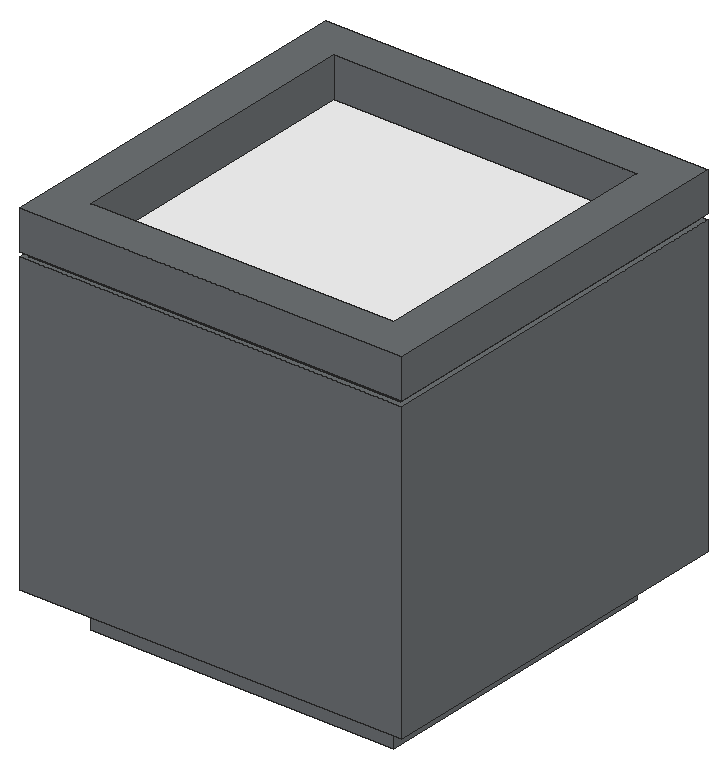
Revit family "Thorn AXYL ECHO CEILING", category Lighting Fixtures, host Face, Revit 2023
Family settings
  Host = Face
  Round Connector Dimension = Use Diameter
  Part Type = Normal
  Cut with Voids When Loaded = Yes
  Light Source = Yes
  Maintain Annotation Orientation = No
  Shared = No
  Room Calculation Point = Yes
Parameters (values of type "AXYL ECHO M CEI 9L 927 MB HFX ANT")
  built-in parameter 1150103 = 20.8 W
  Wattage = 20.8 W
  built-in parameter 1150110 = 1 (stored number, unit not read)
  URL = "https://www.thornlighting.com/96801400"
  Type Image = TLG_AXYL_F_ECHO_M_CEI_9L_HFX_ANT.jpg
  Type IFC Predefined Type = "DIRECTIONSOURCE"
  built-in parameter 1114217 = 1 (stored number, unit not read)
  Tilt Angle = -90.00°  # constant formula
  built-in parameter 1150109 = 1 (stored number, unit not read)
  built-in parameter 1150134 = 3
  built-in parameter 1150113 = 1 (stored number, unit not read)
  Small Size = Thorn-Parts-Axyl-Echo-Body : Small Size Ceiling
  Luminaire Width = if(Housing Small, 110 mm, if(Housing Medium, 155 mm, 110 mm))  # 155 mm
  Luminaire Length = Luminaire Width  # 155 mm
  Luminaire Height = Luminaire Width  # 155 mm
  Housing Small = no
  Housing Medium = yes
  Power Factor = 0.95
  Photometric Web File = "96801400_(STD).IES"
  Model = "96801400"
  Medium Size = Thorn-Parts-Axyl-Echo-Body : Medium Size Ceiling
  Material Housing = Thorn-Aluminium-RAL 7016-Anthracite Grey
  Manufacturer = "Thorn Lighting"  # constant formula
  built-in parameter 1150105 = 102.62 (stored number, unit not read)
  Lumens = 1292 lm
  Luminaire Size = if(Housing Small, Small Size, if(Housing Medium, Medium Size, Small Size))  # Thorn-Parts-Axyl-Echo-Body : Medium Size Ceiling
  built-in parameter 1150115 = 1 (stored number, unit not read)
  Light Source Edge Offset = if(Housing Small, 14 mm, if(Housing Medium, 16 mm, 14 mm))  # 16 mm
  built-in parameter 1150137 = (empty or 0)
  built-in parameter 1150139 = (empty or 0)
  built-in parameter 1150112 = 1 (stored number, unit not read)
  built-in parameter 1150114 = 1 (stored number, unit not read)
  Lamp = "LED"  # constant formula
  built-in parameter 1150132 = 2
  built-in parameter 1150102 = (empty or 0)
  built-in parameter 1150107 = 2700 (stored number, unit not read)
  built-in parameter 1150138 = (empty or 0)
  built-in parameter 1150106 = 1.0262 (stored number, unit not read)
  Export Type to IFC As = "IfcLightFixtureType"
  Emit from Rectangle Width = Luminaire Width - 2 * Light Source Edge Offset  # 123 mm
  Emit from Rectangle Length = Luminaire Width - 2 * Light Source Edge Offset  # 123 mm
  Emit Shape Visible in Rendering = no
  built-in parameter 1150104 = 5.76 (stored number, unit not read)
  Dimming Lamp Color Temperature Shift = (empty or 0)
  Description = "LED Luminaire for decorative facade lighting"  # constant formula
  Default Elevation = 0 mm  # constant formula
  Color Filter = 16777215
  built-in parameter 1114218 = 1 (stored number, unit not read)
  built-in parameter 1150133 = 10 (stored number, unit not read)
  Assembly Code = "PR_70_70_49_02"
  Apparent Load = parameter 1150103 / Power Factor  # 21.8947 VA
Reference planes
  plane 1 "Center (Front/Back)": y = 0
  plane 2: z = 0
  plane 3 "Center (Left/Right)": x = 0
  plane 4: x = -77.5
  plane 5: x = 77.5
  plane 6: y = 77.5
  plane 7: y = -77.5
  plane 8: z = 155
Lines and regions (mm)
  Filled region 1, type "Filled region 1"
    outline origin (0, 0, 0) x (1, 0, 0) y (0, 1, 0)
      loop
        line (-77.5, 77.5) -> (-77.5, -77.5) -> (77.5, -77.5) -> (77.5, 77.5) -> (-77.5, 77.5)
  symbolic lines
    curve 1: line (-61.5, 61.5, 0) -> (-61.5, -61.5, 0)
    curve 2: line (61.5, 61.5, 0) -> (-61.5, 61.5, 0)
    curve 3: line (61.5, -61.5, 0) -> (61.5, 61.5, 0)
    curve 4: line (-61.5, -61.5, 0) -> (61.5, -61.5, 0)
Dimensions and locks
  equal spacing: plane 4, plane 3 "Center (Left/Right)", plane 5
  "Luminaire Width": plane 4 to plane 5
  equal spacing: plane 7, plane 1 "Center (Front/Back)", plane 6
  "Luminaire Width": plane 7 to plane 6
  "Luminaire Width": plane 8 to host face
  "Light Source Edge Offset": plane 4 to curve 1
  "Light Source Edge Offset": curve 3 to plane 5
  "Light Source Edge Offset": plane 6 to curve 2
  "Light Source Edge Offset": plane 7 to curve 4
  aligned and locked: plane 2 to host face
  aligned and locked: level to host face
  aligned and locked: plane 8 to imposter light
  aligned and locked: Filled region 1 to plane 4
  aligned and locked: plane 6 to Filled region 1
  aligned and locked: Filled region 1 to plane 5
  aligned and locked: plane 7 to Filled region 1
Automatic sketch dimensions
  host sketch curve to host sketch curve = 2438.4 mm  (x2)
  Filled region 1 sketch curve to plane 4 = 0 mm
  Filled region 1 sketch curve to plane 5 = 0 mm
  plane 7 to Filled region 1 sketch curve = 0 mm
  plane 6 to Filled region 1 sketch curve = 0 mm
Nested families
  nested 1: "Thorn-Parts-Axyl-Echo-Body" at (0, 0, 0), type <- "Luminaire Size", Material Housing <- "Material Housing", type "Medium Size Ceiling"
    with Material Housing Thorn-Aluminium-RAL 7016-Anthracite Grey
Connectors
  electrical at (0, 0, 0), driven by "Apparent Load", driven by "Power Factor"
    settings: index 1, voltage 230 V, apparent load 21.8947 VA, apparent load phase1 0 VA, apparent load phase2 0 VA, apparent load phase3 0 VA, power factor 0.95, load classification "Lighting", number of poles 1, system type 30, power factor state 1, is connector primary yes, connector utility no, sub classification motor no, connector description ""
Definition of nested family "Thorn-Parts-Axyl-Echo-Body"
  Parameters (values of type "Medium Size Ceiling")
    Set Small Size = no
    Set Medium Size = yes
    Mount Height = if(Set Small Size, 14 mm, if(Set Medium Size, 16 mm, 14 mm))  # 16 mm
    Material Light Source = none
    Material Housing [instance] = none
    Manufacturer = "Thorn Lighting"  # constant formula
    Default Elevation = 1219.2 mm
    C = 500 mm
    A = if(Set Small Size, 110 mm, if(Set Medium Size, 155 mm, 110 mm))  # 155 mm
  Types (2, lengths in mm): name | Set Small Size | Set Medium Size | Mount Height | A
    Medium Size Ceiling | no | yes | 16 | 155
    Small Size Ceiling | yes | no | 14 | 110
  Reference planes
    plane 1 "Center (Front/Back)": y = 0
    plane 2: z = 0
    plane 3 "Center (Left/Right)": x = 0
    plane 4: x = -77.5
    plane 5: x = 77.5
    plane 6: y = 77.5
    plane 7: y = -77.5
    plane 8: z = 16
    plane 9: z = 155
    plane 10: z = 139
    plane 11: z = 137
  Forms (mm)
    Extrusion 1, solid, material <- "Material Housing"
      sketch origin (0, 0, 0) x (1, 0, 0) y (0, 1, 0)
        loop
          line (-77.5, 77.5) -> (-77.5, -77.5) -> (77.5, -77.5) -> (77.5, 77.5) -> (-77.5, 77.5)
      from 16 to 155
    Extrusion 2, solid, material <- "Material Housing"
      sketch origin (0, 0, 0) x (1, 0, 0) y (0, 1, 0)
        loop
          line (-61.5, 61.5) -> (-61.5, -61.5) -> (61.5, -61.5) -> (61.5, 61.5) -> (-61.5, 61.5)
      from 0 to 16
    Extrusion 3, void
      sketch origin (0, 0, 0) x (1, 0, 0) y (0, 1, 0)
        loop
          line (-61.5, 61.5) -> (-61.5, -61.5) -> (61.5, -61.5) -> (61.5, 61.5) -> (-61.5, 61.5)
      from 137 to 155
    Extrusion 4, solid, material <- "Material Light Source"
      sketch origin (0, 0, 0) x (1, 0, 0) y (0, 1, 0)
        loop
          line (-61.5, 61.5) -> (-61.5, -61.5) -> (61.5, -61.5) -> (61.5, 61.5) -> (-61.5, 61.5)
      from 137 to 139
    Extrusion 5, void
      sketch origin (0, 0, 0) x (1, 0, 0) y (0, 1, 0)
        loop
          line (-77.5, 77.5) -> (-77.5, -77.5) -> (77.5, -77.5) -> (77.5, 77.5) -> (-77.5, 77.5)
        loop
          line (-75.5, 75.5) -> (-75.5, -75.5) -> (75.5, -75.5) -> (75.5, 75.5) -> (-75.5, 75.5)
      from 137 to 139
  Cuts and joins
    Extrusion 3, Extrusion 5 cuts Extrusion 1
  Dimensions and locks
    equal spacing: plane 4, plane 3 "Center (Left/Right)", plane 5
    "A": plane 4 to plane 5
    equal spacing: plane 6, plane 1 "Center (Front/Back)", plane 7
    "A": plane 6 to plane 7
    "Mount Height": plane 2 to plane 8
    "A": plane 2 to plane 9
    "Mount Height": Extrusion 1 to Extrusion 2 sketch curve
    "Mount Height": Extrusion 2 sketch curve to Extrusion 1
    "Mount Height": plane 6 to Extrusion 2 sketch curve
    "Mount Height": Extrusion 2 sketch curve to plane 7
    "Mount Height": plane 4 to Extrusion 3 sketch curve
    "Mount Height": Extrusion 3 sketch curve to plane 5
    "Mount Height": Extrusion 3 sketch curve to plane 6
    "Mount Height": Extrusion 3 sketch curve to plane 7
    Extrusion 4 to Extrusion 4 = 2 mm
    "Mount Height": plane 10 to plane 9
    locked: plane 11 to plane 10 at 2
    aligned and locked: level to plane 2
    aligned and locked: plane 6 to Extrusion 1 sketch curve
    aligned and locked: plane 4 to Extrusion 1 sketch curve
    aligned and locked: plane 7 to Extrusion 1 sketch curve
    aligned and locked: plane 5 to Extrusion 1 sketch curve
    aligned and locked: Extrusion 1 to plane 9
    aligned and locked: Extrusion 1 to plane 6
    aligned and locked: Extrusion 1 to plane 7
    aligned and locked: plane 8 to Extrusion 1
    aligned and locked: Extrusion 2 to plane 2
    aligned and locked: Extrusion 2 to plane 8
    aligned and locked: Extrusion 1 to plane 8
    aligned and locked: Extrusion 3 to plane 9
    aligned and locked: Extrusion 4 sketch curve to Extrusion 2  (x4)
    aligned and locked: Extrusion 4 to cut or joined group of Extrusion 1, Extrusion 3, Extrusion 5
    aligned and locked: Extrusion 4 to plane 10
    aligned and locked: plane 11 to Extrusion 4
    aligned and locked: Extrusion 5 sketch curve to cut or joined group of Extrusion 1, Extrusion 3, Extrusion 5  (x4)
    aligned and locked: Extrusion 5 to plane 10
    aligned and locked: plane 11 to Extrusion 5
  Automatic sketch dimensions
    plane 5 to Extrusion 5 sketch curve = 2 mm
    plane 6 to Extrusion 5 sketch curve = 2 mm
    plane 4 to Extrusion 5 sketch curve = 2 mm
    plane 7 to Extrusion 5 sketch curve = 2 mm
Types (108, lengths in mm): name | built-in parameter 1150103 | URL | Type Image | Luminaire Width | Luminaire Length | Luminaire Height | Housing Small | Housing Medium | Power Factor | Photometric Web File | Model | Material Housing | Lumens | Luminaire Size | Light Source Edge Offset | built-in parameter 1150107 | Emit from Rectangle Width | Emit from Rectangle Length | built-in parameter 1150104 | Apparent Load
  AXYL ECHO S CEI 4L 927 MB HF ANT | 7.7 W | "https://www.thornlighting.com/96801328" | TLG_AXYL_F_ECHO_S_CEI_ANT.jpg | 110 | 110 | 110 | yes | no | 0.97 | "96801328_(STD).IES" | "96801328" | Thorn-Aluminium-RAL 7016-Anthracite Grey | 421 lm | Thorn-Parts-Axyl-Echo-Body : Small Size Ceiling | 14 | 2700 (stored number, unit not read) | 82 | 82 | 5.1097 (stored number, unit not read) | 7.93814 VA
  AXYL ECHO S CEI 4L 927 MB HF BK | 7.7 W | "https://www.thornlighting.com/96801326" | TLG_AXYL_F_ECHO_S_CEI_BK.jpg | 110 | 110 | 110 | yes | no | 0.97 | "96801326_(STD).IES" | "96801326" | Thorn-Aluminium-RAL 9005-Jet Black | 421 lm | Thorn-Parts-Axyl-Echo-Body : Small Size Ceiling | 14 | 2700 (stored number, unit not read) | 82 | 82 | 5.1097 (stored number, unit not read) | 7.93814 VA
  AXYL ECHO S CEI 4L 927 MB HF GY | 7.7 W | "https://www.thornlighting.com/96801327" | TLG_AXYL_F_ECHO_S_CEI_GY.jpg | 110 | 110 | 110 | yes | no | 0.97 | "96801327_(STD).IES" | "96801327" | Thorn-Aluminium-RAL 9006-White Aluminium | 421 lm | Thorn-Parts-Axyl-Echo-Body : Small Size Ceiling | 14 | 2700 (stored number, unit not read) | 82 | 82 | 5.1097 (stored number, unit not read) | 7.93814 VA
  AXYL ECHO S CEI 4L 927 MB HF WH | 7.7 W | "https://www.thornlighting.com/96801325" | TLG_AXYL_F_ECHO_S_CEI_WH.jpg | 110 | 110 | 110 | yes | no | 0.97 | "96801325_(STD).IES" | "96801325" | Thorn-Aluminium-RAL 9016-Traffic White | 421 lm | Thorn-Parts-Axyl-Echo-Body : Small Size Ceiling | 14 | 2700 (stored number, unit not read) | 82 | 82 | 5.1097 (stored number, unit not read) | 7.93814 VA
  AXYL ECHO S CEI 4L 927 MB RD ANT | 7.7 W | "https://www.thornlighting.com/96801364" | TLG_AXYL_F_ECHO_S_CEI_ANT.jpg | 110 | 110 | 110 | yes | no | 0.97 | "96801364_(STD).IES" | "96801364" | Thorn-Aluminium-RAL 7016-Anthracite Grey | 421 lm | Thorn-Parts-Axyl-Echo-Body : Small Size Ceiling | 14 | 2700 (stored number, unit not read) | 82 | 82 | 5.1097 (stored number, unit not read) | 7.93814 VA
  AXYL ECHO S CEI 4L 927 MB RD BK | 7.7 W | "https://www.thornlighting.com/96801362" | TLG_AXYL_F_ECHO_S_CEI_BK.jpg | 110 | 110 | 110 | yes | no | 0.97 | "96801362_(STD).IES" | "96801362" | Thorn-Aluminium-RAL 9005-Jet Black | 421 lm | Thorn-Parts-Axyl-Echo-Body : Small Size Ceiling | 14 | 2700 (stored number, unit not read) | 82 | 82 | 5.1097 (stored number, unit not read) | 7.93814 VA
  AXYL ECHO S CEI 4L 927 MB RD GY | 7.7 W | "https://www.thornlighting.com/96801363" | TLG_AXYL_F_ECHO_S_CEI_GY.jpg | 110 | 110 | 110 | yes | no | 0.97 | "96801363_(STD).IES" | "96801363" | Thorn-Aluminium-RAL 9006-White Aluminium | 421 lm | Thorn-Parts-Axyl-Echo-Body : Small Size Ceiling | 14 | 2700 (stored number, unit not read) | 82 | 82 | 5.1097 (stored number, unit not read) | 7.93814 VA
  AXYL ECHO S CEI 4L 927 MB RD WH | 7.7 W | "https://www.thornlighting.com/96801361" | TLG_AXYL_F_ECHO_S_CEI_WH.jpg | 110 | 110 | 110 | yes | no | 0.97 | "96801361_(STD).IES" | "96801361" | Thorn-Aluminium-RAL 9016-Traffic White | 421 lm | Thorn-Parts-Axyl-Echo-Body : Small Size Ceiling | 14 | 2700 (stored number, unit not read) | 82 | 82 | 5.1097 (stored number, unit not read) | 7.93814 VA
  AXYL ECHO S CEI 4L 930 MB HF ANT | 7.7 W | "https://www.thornlighting.com/96801336" | TLG_AXYL_F_ECHO_S_CEI_ANT.jpg | 110 | 110 | 110 | yes | no | 0.97 | "96801336_(STD).IES" | "96801336" | Thorn-Aluminium-RAL 7016-Anthracite Grey | 459 lm | Thorn-Parts-Axyl-Echo-Body : Small Size Ceiling | 14 | 3000 (stored number, unit not read) | 82 | 82 | 5.5742 (stored number, unit not read) | 7.93814 VA
  AXYL ECHO S CEI 4L 930 MB HF BK | 7.7 W | "https://www.thornlighting.com/96801334" | TLG_AXYL_F_ECHO_S_CEI_BK.jpg | 110 | 110 | 110 | yes | no | 0.97 | "96801334_(STD).IES" | "96801334" | Thorn-Aluminium-RAL 9005-Jet Black | 459 lm | Thorn-Parts-Axyl-Echo-Body : Small Size Ceiling | 14 | 3000 (stored number, unit not read) | 82 | 82 | 5.5742 (stored number, unit not read) | 7.93814 VA
  AXYL ECHO S CEI 4L 930 MB HF GY | 7.7 W | "https://www.thornlighting.com/96801335" | TLG_AXYL_F_ECHO_S_CEI_GY.jpg | 110 | 110 | 110 | yes | no | 0.97 | "96801335_(STD).IES" | "96801335" | Thorn-Aluminium-RAL 9006-White Aluminium | 459 lm | Thorn-Parts-Axyl-Echo-Body : Small Size Ceiling | 14 | 3000 (stored number, unit not read) | 82 | 82 | 5.5742 (stored number, unit not read) | 7.93814 VA
  AXYL ECHO S CEI 4L 930 MB HF WH | 7.7 W | "https://www.thornlighting.com/96801333" | TLG_AXYL_F_ECHO_S_CEI_WH.jpg | 110 | 110 | 110 | yes | no | 0.97 | "96801333_(STD).IES" | "96801333" | Thorn-Aluminium-RAL 9016-Traffic White | 459 lm | Thorn-Parts-Axyl-Echo-Body : Small Size Ceiling | 14 | 3000 (stored number, unit not read) | 82 | 82 | 5.5742 (stored number, unit not read) | 7.93814 VA
  AXYL ECHO S CEI 4L 930 MB RD ANT | 7.7 W | "https://www.thornlighting.com/96801372" | TLG_AXYL_F_ECHO_S_CEI_ANT.jpg | 110 | 110 | 110 | yes | no | 0.97 | "96801372_(STD).IES" | "96801372" | Thorn-Aluminium-RAL 7016-Anthracite Grey | 459 lm | Thorn-Parts-Axyl-Echo-Body : Small Size Ceiling | 14 | 3000 (stored number, unit not read) | 82 | 82 | 5.5742 (stored number, unit not read) | 7.93814 VA
  AXYL ECHO S CEI 4L 930 MB RD BK | 7.7 W | "https://www.thornlighting.com/96801370" | TLG_AXYL_F_ECHO_S_CEI_BK.jpg | 110 | 110 | 110 | yes | no | 0.97 | "96801370_(STD).IES" | "96801370" | Thorn-Aluminium-RAL 9005-Jet Black | 459 lm | Thorn-Parts-Axyl-Echo-Body : Small Size Ceiling | 14 | 3000 (stored number, unit not read) | 82 | 82 | 5.5742 (stored number, unit not read) | 7.93814 VA
  AXYL ECHO S CEI 4L 930 MB RD GY | 7.7 W | "https://www.thornlighting.com/96801371" | TLG_AXYL_F_ECHO_S_CEI_GY.jpg | 110 | 110 | 110 | yes | no | 0.97 | "96801371_(STD).IES" | "96801371" | Thorn-Aluminium-RAL 9006-White Aluminium | 459 lm | Thorn-Parts-Axyl-Echo-Body : Small Size Ceiling | 14 | 3000 (stored number, unit not read) | 82 | 82 | 5.5742 (stored number, unit not read) | 7.93814 VA
  AXYL ECHO S CEI 4L 930 MB RD WH | 7.7 W | "https://www.thornlighting.com/96801369" | TLG_AXYL_F_ECHO_S_CEI_WH.jpg | 110 | 110 | 110 | yes | no | 0.97 | "96801369_(STD).IES" | "96801369" | Thorn-Aluminium-RAL 9016-Traffic White | 459 lm | Thorn-Parts-Axyl-Echo-Body : Small Size Ceiling | 14 | 3000 (stored number, unit not read) | 82 | 82 | 5.5742 (stored number, unit not read) | 7.93814 VA
  AXYL ECHO S CEI 4L 940 MB HF ANT | 7.7 W | "https://www.thornlighting.com/96801332" | TLG_AXYL_F_ECHO_S_CEI_ANT.jpg | 110 | 110 | 110 | yes | no | 0.97 | "96801332_(STD).IES" | "96801332" | Thorn-Aluminium-RAL 7016-Anthracite Grey | 497 lm | Thorn-Parts-Axyl-Echo-Body : Small Size Ceiling | 14 | 4000 (stored number, unit not read) | 82 | 82 | 5.9458 (stored number, unit not read) | 7.93814 VA
  AXYL ECHO S CEI 4L 940 MB HF BK | 7.7 W | "https://www.thornlighting.com/96801330" | TLG_AXYL_F_ECHO_S_CEI_BK.jpg | 110 | 110 | 110 | yes | no | 0.97 | "96801330_(STD).IES" | "96801330" | Thorn-Aluminium-RAL 9005-Jet Black | 497 lm | Thorn-Parts-Axyl-Echo-Body : Small Size Ceiling | 14 | 4000 (stored number, unit not read) | 82 | 82 | 5.9458 (stored number, unit not read) | 7.93814 VA
  AXYL ECHO S CEI 4L 940 MB HF GY | 7.7 W | "https://www.thornlighting.com/96801331" | TLG_AXYL_F_ECHO_S_CEI_GY.jpg | 110 | 110 | 110 | yes | no | 0.97 | "96801331_(STD).IES" | "96801331" | Thorn-Aluminium-RAL 9006-White Aluminium | 497 lm | Thorn-Parts-Axyl-Echo-Body : Small Size Ceiling | 14 | 4000 (stored number, unit not read) | 82 | 82 | 5.9458 (stored number, unit not read) | 7.93814 VA
  AXYL ECHO S CEI 4L 940 MB HF WH | 7.7 W | "https://www.thornlighting.com/96801329" | TLG_AXYL_F_ECHO_S_CEI_WH.jpg | 110 | 110 | 110 | yes | no | 0.97 | "96801329_(STD).IES" | "96801329" | Thorn-Aluminium-RAL 9016-Traffic White | 497 lm | Thorn-Parts-Axyl-Echo-Body : Small Size Ceiling | 14 | 4000 (stored number, unit not read) | 82 | 82 | 5.9458 (stored number, unit not read) | 7.93814 VA
  AXYL ECHO S CEI 4L 940 MB RD ANT | 7.7 W | "https://www.thornlighting.com/96801368" | TLG_AXYL_F_ECHO_S_CEI_ANT.jpg | 110 | 110 | 110 | yes | no | 0.97 | "96801368_(STD).IES" | "96801368" | Thorn-Aluminium-RAL 7016-Anthracite Grey | 497 lm | Thorn-Parts-Axyl-Echo-Body : Small Size Ceiling | 14 | 4000 (stored number, unit not read) | 82 | 82 | 5.9458 (stored number, unit not read) | 7.93814 VA
  AXYL ECHO S CEI 4L 940 MB RD BK | 7.7 W | "https://www.thornlighting.com/96801366" | TLG_AXYL_F_ECHO_S_CEI_BK.jpg | 110 | 110 | 110 | yes | no | 0.97 | "96801366_(STD).IES" | "96801366" | Thorn-Aluminium-RAL 9005-Jet Black | 497 lm | Thorn-Parts-Axyl-Echo-Body : Small Size Ceiling | 14 | 4000 (stored number, unit not read) | 82 | 82 | 5.9458 (stored number, unit not read) | 7.93814 VA
  AXYL ECHO S CEI 4L 940 MB RD GY | 7.7 W | "https://www.thornlighting.com/96801367" | TLG_AXYL_F_ECHO_S_CEI_GY.jpg | 110 | 110 | 110 | yes | no | 0.97 | "96801367_(STD).IES" | "96801367" | Thorn-Aluminium-RAL 9006-White Aluminium | 497 lm | Thorn-Parts-Axyl-Echo-Body : Small Size Ceiling | 14 | 4000 (stored number, unit not read) | 82 | 82 | 5.9458 (stored number, unit not read) | 7.93814 VA
  AXYL ECHO S CEI 4L 940 MB RD WH | 7.7 W | "https://www.thornlighting.com/96801365" | TLG_AXYL_F_ECHO_S_CEI_WH.jpg | 110 | 110 | 110 | yes | no | 0.97 | "96801365_(STD).IES" | "96801365" | Thorn-Aluminium-RAL 9016-Traffic White | 497 lm | Thorn-Parts-Axyl-Echo-Body : Small Size Ceiling | 14 | 4000 (stored number, unit not read) | 82 | 82 | 5.9458 (stored number, unit not read) | 7.93814 VA
  AXYL ECHO S CEI 4L 927 NB HF ANT | 7.7 W | "https://www.thornlighting.com/96801340" | TLG_AXYL_F_ECHO_S_CEI_ANT.jpg | 110 | 110 | 110 | yes | no | 0.97 | "96801340_(STD).IES" | "96801340" | Thorn-Aluminium-RAL 7016-Anthracite Grey | 461 lm | Thorn-Parts-Axyl-Echo-Body : Small Size Ceiling | 14 | 2700 (stored number, unit not read) | 82 | 82 | 5.5742 (stored number, unit not read) | 7.93814 VA
  AXYL ECHO S CEI 4L 927 NB HF BK | 7.7 W | "https://www.thornlighting.com/96801338" | TLG_AXYL_F_ECHO_S_CEI_BK.jpg | 110 | 110 | 110 | yes | no | 0.97 | "96801338_(STD).IES" | "96801338" | Thorn-Aluminium-RAL 9005-Jet Black | 461 lm | Thorn-Parts-Axyl-Echo-Body : Small Size Ceiling | 14 | 2700 (stored number, unit not read) | 82 | 82 | 5.5742 (stored number, unit not read) | 7.93814 VA
  AXYL ECHO S CEI 4L 927 NB HF GY | 7.7 W | "https://www.thornlighting.com/96801339" | TLG_AXYL_F_ECHO_S_CEI_GY.jpg | 110 | 110 | 110 | yes | no | 0.97 | "96801339_(STD).IES" | "96801339" | Thorn-Aluminium-RAL 9006-White Aluminium | 461 lm | Thorn-Parts-Axyl-Echo-Body : Small Size Ceiling | 14 | 2700 (stored number, unit not read) | 82 | 82 | 5.5742 (stored number, unit not read) | 7.93814 VA
  AXYL ECHO S CEI 4L 927 NB HF WH | 7.7 W | "https://www.thornlighting.com/96801337" | TLG_AXYL_F_ECHO_S_CEI_WH.jpg | 110 | 110 | 110 | yes | no | 0.97 | "96801337_(STD).IES" | "96801337" | Thorn-Aluminium-RAL 9016-Traffic White | 461 lm | Thorn-Parts-Axyl-Echo-Body : Small Size Ceiling | 14 | 2700 (stored number, unit not read) | 82 | 82 | 5.5742 (stored number, unit not read) | 7.93814 VA
  AXYL ECHO S CEI 4L 927 NB RD ANT | 7.7 W | "https://www.thornlighting.com/96801376" | TLG_AXYL_F_ECHO_S_CEI_ANT.jpg | 110 | 110 | 110 | yes | no | 0.97 | "96801376_(STD).IES" | "96801376" | Thorn-Aluminium-RAL 7016-Anthracite Grey | 461 lm | Thorn-Parts-Axyl-Echo-Body : Small Size Ceiling | 14 | 2700 (stored number, unit not read) | 82 | 82 | 5.5742 (stored number, unit not read) | 7.93814 VA
  AXYL ECHO S CEI 4L 927 NB RD BK | 7.7 W | "https://www.thornlighting.com/96801374" | TLG_AXYL_F_ECHO_S_CEI_BK.jpg | 110 | 110 | 110 | yes | no | 0.97 | "96801374_(STD).IES" | "96801374" | Thorn-Aluminium-RAL 9005-Jet Black | 461 lm | Thorn-Parts-Axyl-Echo-Body : Small Size Ceiling | 14 | 2700 (stored number, unit not read) | 82 | 82 | 5.5742 (stored number, unit not read) | 7.93814 VA
  AXYL ECHO S CEI 4L 927 NB RD GY | 7.7 W | "https://www.thornlighting.com/96801375" | TLG_AXYL_F_ECHO_S_CEI_GY.jpg | 110 | 110 | 110 | yes | no | 0.97 | "96801375_(STD).IES" | "96801375" | Thorn-Aluminium-RAL 9006-White Aluminium | 461 lm | Thorn-Parts-Axyl-Echo-Body : Small Size Ceiling | 14 | 2700 (stored number, unit not read) | 82 | 82 | 5.5742 (stored number, unit not read) | 7.93814 VA
  AXYL ECHO S CEI 4L 927 NB RD WH | 7.7 W | "https://www.thornlighting.com/96801373" | TLG_AXYL_F_ECHO_S_CEI_WH.jpg | 110 | 110 | 110 | yes | no | 0.97 | "96801373_(STD).IES" | "96801373" | Thorn-Aluminium-RAL 9016-Traffic White | 461 lm | Thorn-Parts-Axyl-Echo-Body : Small Size Ceiling | 14 | 2700 (stored number, unit not read) | 82 | 82 | 5.5742 (stored number, unit not read) | 7.93814 VA
  AXYL ECHO S CEI 4L 930 NB HF ANT | 7.7 W | "https://www.thornlighting.com/96801348" | TLG_AXYL_F_ECHO_S_CEI_ANT.jpg | 110 | 110 | 110 | yes | no | 0.97 | "96801348_(STD).IES" | "96801348" | Thorn-Aluminium-RAL 7016-Anthracite Grey | 503 lm | Thorn-Parts-Axyl-Echo-Body : Small Size Ceiling | 14 | 3000 (stored number, unit not read) | 82 | 82 | 6.0387 (stored number, unit not read) | 7.93814 VA
  AXYL ECHO S CEI 4L 930 NB HF BK | 7.7 W | "https://www.thornlighting.com/96801346" | TLG_AXYL_F_ECHO_S_CEI_BK.jpg | 110 | 110 | 110 | yes | no | 0.97 | "96801346_(STD).IES" | "96801346" | Thorn-Aluminium-RAL 9005-Jet Black | 503 lm | Thorn-Parts-Axyl-Echo-Body : Small Size Ceiling | 14 | 3000 (stored number, unit not read) | 82 | 82 | 6.0387 (stored number, unit not read) | 7.93814 VA
  AXYL ECHO S CEI 4L 930 NB HF GY | 7.7 W | "https://www.thornlighting.com/96801347" | TLG_AXYL_F_ECHO_S_CEI_GY.jpg | 110 | 110 | 110 | yes | no | 0.97 | "96801347_(STD).IES" | "96801347" | Thorn-Aluminium-RAL 9006-White Aluminium | 503 lm | Thorn-Parts-Axyl-Echo-Body : Small Size Ceiling | 14 | 3000 (stored number, unit not read) | 82 | 82 | 6.0387 (stored number, unit not read) | 7.93814 VA
  AXYL ECHO S CEI 4L 930 NB HF WH | 7.7 W | "https://www.thornlighting.com/96801345" | TLG_AXYL_F_ECHO_S_CEI_WH.jpg | 110 | 110 | 110 | yes | no | 0.97 | "96801345_(STD).IES" | "96801345" | Thorn-Aluminium-RAL 9016-Traffic White | 503 lm | Thorn-Parts-Axyl-Echo-Body : Small Size Ceiling | 14 | 3000 (stored number, unit not read) | 82 | 82 | 6.0387 (stored number, unit not read) | 7.93814 VA
  AXYL ECHO S CEI 4L 930 NB RD ANT | 7.7 W | "https://www.thornlighting.com/96801384" | TLG_AXYL_F_ECHO_S_CEI_ANT.jpg | 110 | 110 | 110 | yes | no | 0.97 | "96801384_(STD).IES" | "96801384" | Thorn-Aluminium-RAL 7016-Anthracite Grey | 503 lm | Thorn-Parts-Axyl-Echo-Body : Small Size Ceiling | 14 | 3000 (stored number, unit not read) | 82 | 82 | 6.0387 (stored number, unit not read) | 7.93814 VA
  AXYL ECHO S CEI 4L 930 NB RD BK | 7.7 W | "https://www.thornlighting.com/96801382" | TLG_AXYL_F_ECHO_S_CEI_BK.jpg | 110 | 110 | 110 | yes | no | 0.97 | "96801382_(STD).IES" | "96801382" | Thorn-Aluminium-RAL 9005-Jet Black | 503 lm | Thorn-Parts-Axyl-Echo-Body : Small Size Ceiling | 14 | 3000 (stored number, unit not read) | 82 | 82 | 6.0387 (stored number, unit not read) | 7.93814 VA
  AXYL ECHO S CEI 4L 930 NB RD GY | 7.7 W | "https://www.thornlighting.com/96801383" | TLG_AXYL_F_ECHO_S_CEI_GY.jpg | 110 | 110 | 110 | yes | no | 0.97 | "96801383_(STD).IES" | "96801383" | Thorn-Aluminium-RAL 9006-White Aluminium | 503 lm | Thorn-Parts-Axyl-Echo-Body : Small Size Ceiling | 14 | 3000 (stored number, unit not read) | 82 | 82 | 6.0387 (stored number, unit not read) | 7.93814 VA
  AXYL ECHO S CEI 4L 930 NB RD WH | 7.7 W | "https://www.thornlighting.com/96801381" | TLG_AXYL_F_ECHO_S_CEI_WH.jpg | 110 | 110 | 110 | yes | no | 0.97 | "96801381_(STD).IES" | "96801381" | Thorn-Aluminium-RAL 9016-Traffic White | 503 lm | Thorn-Parts-Axyl-Echo-Body : Small Size Ceiling | 14 | 3000 (stored number, unit not read) | 82 | 82 | 6.0387 (stored number, unit not read) | 7.93814 VA
  AXYL ECHO S CEI 4L 940 NB HF ANT | 7.7 W | "https://www.thornlighting.com/96801344" | TLG_AXYL_F_ECHO_S_CEI_ANT.jpg | 110 | 110 | 110 | yes | no | 0.97 | "96801344_(STD).IES" | "96801344" | Thorn-Aluminium-RAL 7016-Anthracite Grey | 545 lm | Thorn-Parts-Axyl-Echo-Body : Small Size Ceiling | 14 | 4000 (stored number, unit not read) | 82 | 82 | 6.5961 (stored number, unit not read) | 7.93814 VA
  AXYL ECHO S CEI 4L 940 NB HF BK | 7.7 W | "https://www.thornlighting.com/96801342" | TLG_AXYL_F_ECHO_S_CEI_BK.jpg | 110 | 110 | 110 | yes | no | 0.97 | "96801342_(STD).IES" | "96801342" | Thorn-Aluminium-RAL 9005-Jet Black | 545 lm | Thorn-Parts-Axyl-Echo-Body : Small Size Ceiling | 14 | 4000 (stored number, unit not read) | 82 | 82 | 6.5961 (stored number, unit not read) | 7.93814 VA
  AXYL ECHO S CEI 4L 940 NB HF GY | 7.7 W | "https://www.thornlighting.com/96801343" | TLG_AXYL_F_ECHO_S_CEI_GY.jpg | 110 | 110 | 110 | yes | no | 0.97 | "96801343_(STD).IES" | "96801343" | Thorn-Aluminium-RAL 9006-White Aluminium | 545 lm | Thorn-Parts-Axyl-Echo-Body : Small Size Ceiling | 14 | 4000 (stored number, unit not read) | 82 | 82 | 6.5961 (stored number, unit not read) | 7.93814 VA
  AXYL ECHO S CEI 4L 940 NB HF WH | 7.7 W | "https://www.thornlighting.com/96801341" | TLG_AXYL_F_ECHO_S_CEI_WH.jpg | 110 | 110 | 110 | yes | no | 0.97 | "96801341_(STD).IES" | "96801341" | Thorn-Aluminium-RAL 9016-Traffic White | 545 lm | Thorn-Parts-Axyl-Echo-Body : Small Size Ceiling | 14 | 4000 (stored number, unit not read) | 82 | 82 | 6.5961 (stored number, unit not read) | 7.93814 VA
  AXYL ECHO S CEI 4L 940 NB RD ANT | 7.7 W | "https://www.thornlighting.com/96801380" | TLG_AXYL_F_ECHO_S_CEI_ANT.jpg | 110 | 110 | 110 | yes | no | 0.97 | "96801380_(STD).IES" | "96801380" | Thorn-Aluminium-RAL 7016-Anthracite Grey | 545 lm | Thorn-Parts-Axyl-Echo-Body : Small Size Ceiling | 14 | 4000 (stored number, unit not read) | 82 | 82 | 6.5961 (stored number, unit not read) | 7.93814 VA
  AXYL ECHO S CEI 4L 940 NB RD BK | 7.7 W | "https://www.thornlighting.com/96801378" | TLG_AXYL_F_ECHO_S_CEI_BK.jpg | 110 | 110 | 110 | yes | no | 0.97 | "96801378_(STD).IES" | "96801378" | Thorn-Aluminium-RAL 9005-Jet Black | 545 lm | Thorn-Parts-Axyl-Echo-Body : Small Size Ceiling | 14 | 4000 (stored number, unit not read) | 82 | 82 | 6.5961 (stored number, unit not read) | 7.93814 VA
  AXYL ECHO S CEI 4L 940 NB RD GY | 7.7 W | "https://www.thornlighting.com/96801379" | TLG_AXYL_F_ECHO_S_CEI_GY.jpg | 110 | 110 | 110 | yes | no | 0.97 | "96801379_(STD).IES" | "96801379" | Thorn-Aluminium-RAL 9006-White Aluminium | 545 lm | Thorn-Parts-Axyl-Echo-Body : Small Size Ceiling | 14 | 4000 (stored number, unit not read) | 82 | 82 | 6.5961 (stored number, unit not read) | 7.93814 VA
  AXYL ECHO S CEI 4L 940 NB RD WH | 7.7 W | "https://www.thornlighting.com/96801377" | TLG_AXYL_F_ECHO_S_CEI_WH.jpg | 110 | 110 | 110 | yes | no | 0.97 | "96801377_(STD).IES" | "96801377" | Thorn-Aluminium-RAL 9016-Traffic White | 545 lm | Thorn-Parts-Axyl-Echo-Body : Small Size Ceiling | 14 | 4000 (stored number, unit not read) | 82 | 82 | 6.5961 (stored number, unit not read) | 7.93814 VA
  AXYL ECHO S CEI 4L 927 WB HF ANT | 7.7 W | "https://www.thornlighting.com/96801352" | TLG_AXYL_F_ECHO_S_CEI_ANT.jpg | 110 | 110 | 110 | yes | no | 0.97 | "96801352_(STD).IES" | "96801352" | Thorn-Aluminium-RAL 7016-Anthracite Grey | 347 lm | Thorn-Parts-Axyl-Echo-Body : Small Size Ceiling | 14 | 2700 (stored number, unit not read) | 82 | 82 | 4.1806 (stored number, unit not read) | 7.93814 VA
  AXYL ECHO S CEI 4L 927 WB HF BK | 7.7 W | "https://www.thornlighting.com/96801350" | TLG_AXYL_F_ECHO_S_CEI_BK.jpg | 110 | 110 | 110 | yes | no | 0.97 | "96801350_(STD).IES" | "96801350" | Thorn-Aluminium-RAL 9005-Jet Black | 347 lm | Thorn-Parts-Axyl-Echo-Body : Small Size Ceiling | 14 | 2700 (stored number, unit not read) | 82 | 82 | 4.1806 (stored number, unit not read) | 7.93814 VA
  AXYL ECHO S CEI 4L 927 WB HF GY | 7.7 W | "https://www.thornlighting.com/96801351" | TLG_AXYL_F_ECHO_S_CEI_GY.jpg | 110 | 110 | 110 | yes | no | 0.97 | "96801351_(STD).IES" | "96801351" | Thorn-Aluminium-RAL 9006-White Aluminium | 347 lm | Thorn-Parts-Axyl-Echo-Body : Small Size Ceiling | 14 | 2700 (stored number, unit not read) | 82 | 82 | 4.1806 (stored number, unit not read) | 7.93814 VA
  AXYL ECHO S CEI 4L 927 WB HF WH | 7.7 W | "https://www.thornlighting.com/96801349" | TLG_AXYL_F_ECHO_S_CEI_WH.jpg | 110 | 110 | 110 | yes | no | 0.97 | "96801349_(STD).IES" | "96801349" | Thorn-Aluminium-RAL 9016-Traffic White | 347 lm | Thorn-Parts-Axyl-Echo-Body : Small Size Ceiling | 14 | 2700 (stored number, unit not read) | 82 | 82 | 4.1806 (stored number, unit not read) | 7.93814 VA
  AXYL ECHO S CEI 4L 927 WB RD ANT | 7.7 W | "https://www.thornlighting.com/96801388" | TLG_AXYL_F_ECHO_S_CEI_ANT.jpg | 110 | 110 | 110 | yes | no | 0.97 | "96801388_(STD).IES" | "96801388" | Thorn-Aluminium-RAL 7016-Anthracite Grey | 347 lm | Thorn-Parts-Axyl-Echo-Body : Small Size Ceiling | 14 | 2700 (stored number, unit not read) | 82 | 82 | 4.1806 (stored number, unit not read) | 7.93814 VA
  AXYL ECHO S CEI 4L 927 WB RD BK | 7.7 W | "https://www.thornlighting.com/96801386" | TLG_AXYL_F_ECHO_S_CEI_BK.jpg | 110 | 110 | 110 | yes | no | 0.97 | "96801386_(STD).IES" | "96801386" | Thorn-Aluminium-RAL 9005-Jet Black | 347 lm | Thorn-Parts-Axyl-Echo-Body : Small Size Ceiling | 14 | 2700 (stored number, unit not read) | 82 | 82 | 4.1806 (stored number, unit not read) | 7.93814 VA
  AXYL ECHO S CEI 4L 927 WB RD GY | 7.7 W | "https://www.thornlighting.com/96801387" | TLG_AXYL_F_ECHO_S_CEI_GY.jpg | 110 | 110 | 110 | yes | no | 0.97 | "96801387_(STD).IES" | "96801387" | Thorn-Aluminium-RAL 9006-White Aluminium | 347 lm | Thorn-Parts-Axyl-Echo-Body : Small Size Ceiling | 14 | 2700 (stored number, unit not read) | 82 | 82 | 4.1806 (stored number, unit not read) | 7.93814 VA
  AXYL ECHO S CEI 4L 927 WB RD WH | 7.7 W | "https://www.thornlighting.com/96801385" | TLG_AXYL_F_ECHO_S_CEI_WH.jpg | 110 | 110 | 110 | yes | no | 0.97 | "96801385_(STD).IES" | "96801385" | Thorn-Aluminium-RAL 9016-Traffic White | 347 lm | Thorn-Parts-Axyl-Echo-Body : Small Size Ceiling | 14 | 2700 (stored number, unit not read) | 82 | 82 | 4.1806 (stored number, unit not read) | 7.93814 VA
  AXYL ECHO S CEI 4L 930 WB HF ANT | 7.7 W | "https://www.thornlighting.com/96801360" | TLG_AXYL_F_ECHO_S_CEI_ANT.jpg | 110 | 110 | 110 | yes | no | 0.97 | "96801360_(STD).IES" | "96801360" | Thorn-Aluminium-RAL 7016-Anthracite Grey | 378 lm | Thorn-Parts-Axyl-Echo-Body : Small Size Ceiling | 14 | 3000 (stored number, unit not read) | 82 | 82 | 4.5522 (stored number, unit not read) | 7.93814 VA
  AXYL ECHO S CEI 4L 930 WB HF BK | 7.7 W | "https://www.thornlighting.com/96801358" | TLG_AXYL_F_ECHO_S_CEI_BK.jpg | 110 | 110 | 110 | yes | no | 0.97 | "96801358_(STD).IES" | "96801358" | Thorn-Aluminium-RAL 9005-Jet Black | 378 lm | Thorn-Parts-Axyl-Echo-Body : Small Size Ceiling | 14 | 3000 (stored number, unit not read) | 82 | 82 | 4.5522 (stored number, unit not read) | 7.93814 VA
  AXYL ECHO S CEI 4L 930 WB HF GY | 7.7 W | "https://www.thornlighting.com/96801359" | TLG_AXYL_F_ECHO_S_CEI_GY.jpg | 110 | 110 | 110 | yes | no | 0.97 | "96801359_(STD).IES" | "96801359" | Thorn-Aluminium-RAL 9006-White Aluminium | 378 lm | Thorn-Parts-Axyl-Echo-Body : Small Size Ceiling | 14 | 3000 (stored number, unit not read) | 82 | 82 | 4.5522 (stored number, unit not read) | 7.93814 VA
  AXYL ECHO S CEI 4L 930 WB HF WH | 7.7 W | "https://www.thornlighting.com/96801357" | TLG_AXYL_F_ECHO_S_CEI_WH.jpg | 110 | 110 | 110 | yes | no | 0.97 | "96801357_(STD).IES" | "96801357" | Thorn-Aluminium-RAL 9016-Traffic White | 378 lm | Thorn-Parts-Axyl-Echo-Body : Small Size Ceiling | 14 | 3000 (stored number, unit not read) | 82 | 82 | 4.5522 (stored number, unit not read) | 7.93814 VA
  AXYL ECHO S CEI 4L 930 WB RD ANT | 7.7 W | "https://www.thornlighting.com/96801396" | TLG_AXYL_F_ECHO_S_CEI_ANT.jpg | 110 | 110 | 110 | yes | no | 0.97 | "96801396_(STD).IES" | "96801396" | Thorn-Aluminium-RAL 7016-Anthracite Grey | 378 lm | Thorn-Parts-Axyl-Echo-Body : Small Size Ceiling | 14 | 3000 (stored number, unit not read) | 82 | 82 | 4.5522 (stored number, unit not read) | 7.93814 VA
  AXYL ECHO S CEI 4L 930 WB RD BK | 7.7 W | "https://www.thornlighting.com/96801394" | TLG_AXYL_F_ECHO_S_CEI_BK.jpg | 110 | 110 | 110 | yes | no | 0.97 | "96801394_(STD).IES" | "96801394" | Thorn-Aluminium-RAL 9005-Jet Black | 378 lm | Thorn-Parts-Axyl-Echo-Body : Small Size Ceiling | 14 | 3000 (stored number, unit not read) | 82 | 82 | 4.5522 (stored number, unit not read) | 7.93814 VA
  AXYL ECHO S CEI 4L 930 WB RD GY | 7.7 W | "https://www.thornlighting.com/96801395" | TLG_AXYL_F_ECHO_S_CEI_GY.jpg | 110 | 110 | 110 | yes | no | 0.97 | "96801395_(STD).IES" | "96801395" | Thorn-Aluminium-RAL 9006-White Aluminium | 378 lm | Thorn-Parts-Axyl-Echo-Body : Small Size Ceiling | 14 | 3000 (stored number, unit not read) | 82 | 82 | 4.5522 (stored number, unit not read) | 7.93814 VA
  AXYL ECHO S CEI 4L 930 WB RD WH | 7.7 W | "https://www.thornlighting.com/96801393" | TLG_AXYL_F_ECHO_S_CEI_WH.jpg | 110 | 110 | 110 | yes | no | 0.97 | "96801393_(STD).IES" | "96801393" | Thorn-Aluminium-RAL 9016-Traffic White | 378 lm | Thorn-Parts-Axyl-Echo-Body : Small Size Ceiling | 14 | 3000 (stored number, unit not read) | 82 | 82 | 4.5522 (stored number, unit not read) | 7.93814 VA
  AXYL ECHO S CEI 4L 940 WB HF ANT | 7.7 W | "https://www.thornlighting.com/96801356" | TLG_AXYL_F_ECHO_S_CEI_ANT.jpg | 110 | 110 | 110 | yes | no | 0.97 | "96801356_(STD).IES" | "96801356" | Thorn-Aluminium-RAL 7016-Anthracite Grey | 409 lm | Thorn-Parts-Axyl-Echo-Body : Small Size Ceiling | 14 | 4000 (stored number, unit not read) | 82 | 82 | 4.9239 (stored number, unit not read) | 7.93814 VA
  AXYL ECHO S CEI 4L 940 WB HF BK | 7.7 W | "https://www.thornlighting.com/96801354" | TLG_AXYL_F_ECHO_S_CEI_BK.jpg | 110 | 110 | 110 | yes | no | 0.97 | "96801354_(STD).IES" | "96801354" | Thorn-Aluminium-RAL 9005-Jet Black | 409 lm | Thorn-Parts-Axyl-Echo-Body : Small Size Ceiling | 14 | 4000 (stored number, unit not read) | 82 | 82 | 4.9239 (stored number, unit not read) | 7.93814 VA
  AXYL ECHO S CEI 4L 940 WB HF GY | 7.7 W | "https://www.thornlighting.com/96801355" | TLG_AXYL_F_ECHO_S_CEI_GY.jpg | 110 | 110 | 110 | yes | no | 0.97 | "96801355_(STD).IES" | "96801355" | Thorn-Aluminium-RAL 9006-White Aluminium | 409 lm | Thorn-Parts-Axyl-Echo-Body : Small Size Ceiling | 14 | 4000 (stored number, unit not read) | 82 | 82 | 4.9239 (stored number, unit not read) | 7.93814 VA
  AXYL ECHO S CEI 4L 940 WB HF WH | 7.7 W | "https://www.thornlighting.com/96801353" | TLG_AXYL_F_ECHO_S_CEI_WH.jpg | 110 | 110 | 110 | yes | no | 0.97 | "96801353_(STD).IES" | "96801353" | Thorn-Aluminium-RAL 9016-Traffic White | 409 lm | Thorn-Parts-Axyl-Echo-Body : Small Size Ceiling | 14 | 4000 (stored number, unit not read) | 82 | 82 | 4.9239 (stored number, unit not read) | 7.93814 VA
  AXYL ECHO S CEI 4L 940 WB RD ANT | 7.7 W | "https://www.thornlighting.com/96801392" | TLG_AXYL_F_ECHO_S_CEI_ANT.jpg | 110 | 110 | 110 | yes | no | 0.97 | "96801392_(STD).IES" | "96801392" | Thorn-Aluminium-RAL 7016-Anthracite Grey | 409 lm | Thorn-Parts-Axyl-Echo-Body : Small Size Ceiling | 14 | 4000 (stored number, unit not read) | 82 | 82 | 4.9239 (stored number, unit not read) | 7.93814 VA
  AXYL ECHO S CEI 4L 940 WB RD BK | 7.7 W | "https://www.thornlighting.com/96801390" | TLG_AXYL_F_ECHO_S_CEI_BK.jpg | 110 | 110 | 110 | yes | no | 0.97 | "96801390_(STD).IES" | "96801390" | Thorn-Aluminium-RAL 9005-Jet Black | 409 lm | Thorn-Parts-Axyl-Echo-Body : Small Size Ceiling | 14 | 4000 (stored number, unit not read) | 82 | 82 | 4.9239 (stored number, unit not read) | 7.93814 VA
  AXYL ECHO S CEI 4L 940 WB RD GY | 7.7 W | "https://www.thornlighting.com/96801391" | TLG_AXYL_F_ECHO_S_CEI_GY.jpg | 110 | 110 | 110 | yes | no | 0.97 | "96801391_(STD).IES" | "96801391" | Thorn-Aluminium-RAL 9006-White Aluminium | 409 lm | Thorn-Parts-Axyl-Echo-Body : Small Size Ceiling | 14 | 4000 (stored number, unit not read) | 82 | 82 | 4.9239 (stored number, unit not read) | 7.93814 VA
  AXYL ECHO S CEI 4L 940 WB RD WH | 7.7 W | "https://www.thornlighting.com/96801389" | TLG_AXYL_F_ECHO_S_CEI_WH.jpg | 110 | 110 | 110 | yes | no | 0.97 | "96801389_(STD).IES" | "96801389" | Thorn-Aluminium-RAL 9016-Traffic White | 409 lm | Thorn-Parts-Axyl-Echo-Body : Small Size Ceiling | 14 | 4000 (stored number, unit not read) | 82 | 82 | 4.9239 (stored number, unit not read) | 7.93814 VA
  AXYL ECHO M CEI 9L 927 MB HFX ANT | 20.8 W | "https://www.thornlighting.com/96801400" | TLG_AXYL_F_ECHO_M_CEI_9L_HFX_ANT.jpg | 155 | 155 | 155 | no | yes | 0.95 | "96801400_(STD).IES" | "96801400" | Thorn-Aluminium-RAL 7016-Anthracite Grey | 1292 lm | Thorn-Parts-Axyl-Echo-Body : Medium Size Ceiling | 16 | 2700 (stored number, unit not read) | 123 | 123 | 5.76 (stored number, unit not read) | 21.8947 VA
  AXYL ECHO M CEI 9L 927 MB HFX BK | 20.8 W | "https://www.thornlighting.com/96801398" | TLG_AXYL_F_ECHO_M_CEI_9L_HFX_BK.jpg | 155 | 155 | 155 | no | yes | 0.95 | "96801398_(STD).IES" | "96801398" | Thorn-Aluminium-RAL 9005-Jet Black | 1292 lm | Thorn-Parts-Axyl-Echo-Body : Medium Size Ceiling | 16 | 2700 (stored number, unit not read) | 123 | 123 | 5.76 (stored number, unit not read) | 21.8947 VA
  AXYL ECHO M CEI 9L 927 MB HFX GY | 20.8 W | "https://www.thornlighting.com/96801399" | TLG_AXYL_F_ECHO_M_CEI_9L_HFX_GY.jpg | 155 | 155 | 155 | no | yes | 0.95 | "96801399_(STD).IES" | "96801399" | Thorn-Aluminium-RAL 9006-White Aluminium | 1292 lm | Thorn-Parts-Axyl-Echo-Body : Medium Size Ceiling | 16 | 2700 (stored number, unit not read) | 123 | 123 | 5.76 (stored number, unit not read) | 21.8947 VA
  AXYL ECHO M CEI 9L 927 MB HFX WH | 20.8 W | "https://www.thornlighting.com/96801397" | TLG_AXYL_F_ECHO_M_CEI_9L_HFX_WH.jpg | 155 | 155 | 155 | no | yes | 0.95 | "96801397_(STD).IES" | "96801397" | Thorn-Aluminium-RAL 9016-Traffic White | 1292 lm | Thorn-Parts-Axyl-Echo-Body : Medium Size Ceiling | 16 | 2700 (stored number, unit not read) | 123 | 123 | 5.76 (stored number, unit not read) | 21.8947 VA
  AXYL ECHO M CEI 9L 930 MB HFX ANT | 20.8 W | "https://www.thornlighting.com/96801408" | TLG_AXYL_F_ECHO_M_CEI_9L_HFX_ANT.jpg | 155 | 155 | 155 | no | yes | 0.95 | "96801408_(STD).IES" | "96801408" | Thorn-Aluminium-RAL 7016-Anthracite Grey | 1410 lm | Thorn-Parts-Axyl-Echo-Body : Medium Size Ceiling | 16 | 3000 (stored number, unit not read) | 123 | 123 | 6.3174 (stored number, unit not read) | 21.8947 VA
  AXYL ECHO M CEI 9L 930 MB HFX BK | 20.8 W | "https://www.thornlighting.com/96801406" | TLG_AXYL_F_ECHO_M_CEI_9L_HFX_BK.jpg | 155 | 155 | 155 | no | yes | 0.95 | "96801406_(STD).IES" | "96801406" | Thorn-Aluminium-RAL 9005-Jet Black | 1410 lm | Thorn-Parts-Axyl-Echo-Body : Medium Size Ceiling | 16 | 3000 (stored number, unit not read) | 123 | 123 | 6.3174 (stored number, unit not read) | 21.8947 VA
  AXYL ECHO M CEI 9L 930 MB HFX GY | 20.8 W | "https://www.thornlighting.com/96801407" | TLG_AXYL_F_ECHO_M_CEI_9L_HFX_GY.jpg | 155 | 155 | 155 | no | yes | 0.95 | "96801407_(STD).IES" | "96801407" | Thorn-Aluminium-RAL 9006-White Aluminium | 1410 lm | Thorn-Parts-Axyl-Echo-Body : Medium Size Ceiling | 16 | 3000 (stored number, unit not read) | 123 | 123 | 6.3174 (stored number, unit not read) | 21.8947 VA
  AXYL ECHO M CEI 9L 930 MB HFX WH | 20.8 W | "https://www.thornlighting.com/96801405" | TLG_AXYL_F_ECHO_M_CEI_9L_HFX_WH.jpg | 155 | 155 | 155 | no | yes | 0.95 | "96801405_(STD).IES" | "96801405" | Thorn-Aluminium-RAL 9016-Traffic White | 1410 lm | Thorn-Parts-Axyl-Echo-Body : Medium Size Ceiling | 16 | 3000 (stored number, unit not read) | 123 | 123 | 6.3174 (stored number, unit not read) | 21.8947 VA
  AXYL ECHO M CEI 9L 940 MB HFX ANT | 20.8 W | "https://www.thornlighting.com/96801404" | TLG_AXYL_F_ECHO_M_CEI_9L_HFX_ANT.jpg | 155 | 155 | 155 | no | yes | 0.95 | "96801404_(STD).IES" | "96801404" | Thorn-Aluminium-RAL 7016-Anthracite Grey | 1526 lm | Thorn-Parts-Axyl-Echo-Body : Medium Size Ceiling | 16 | 4000 (stored number, unit not read) | 123 | 123 | 6.7819 (stored number, unit not read) | 21.8947 VA
  AXYL ECHO M CEI 9L 940 MB HFX BK | 20.8 W | "https://www.thornlighting.com/96801402" | TLG_AXYL_F_ECHO_M_CEI_9L_HFX_BK.jpg | 155 | 155 | 155 | no | yes | 0.95 | "96801402_(STD).IES" | "96801402" | Thorn-Aluminium-RAL 9005-Jet Black | 1526 lm | Thorn-Parts-Axyl-Echo-Body : Medium Size Ceiling | 16 | 4000 (stored number, unit not read) | 123 | 123 | 6.7819 (stored number, unit not read) | 21.8947 VA
  AXYL ECHO M CEI 9L 940 MB HFX GY | 20.8 W | "https://www.thornlighting.com/96801403" | TLG_AXYL_F_ECHO_M_CEI_9L_HFX_GY.jpg | 155 | 155 | 155 | no | yes | 0.95 | "96801403_(STD).IES" | "96801403" | Thorn-Aluminium-RAL 9006-White Aluminium | 1526 lm | Thorn-Parts-Axyl-Echo-Body : Medium Size Ceiling | 16 | 4000 (stored number, unit not read) | 123 | 123 | 6.7819 (stored number, unit not read) | 21.8947 VA
  AXYL ECHO M CEI 9L 940 MB HFX WH | 20.8 W | "https://www.thornlighting.com/96801401" | TLG_AXYL_F_ECHO_M_CEI_9L_HFX_WH.jpg | 155 | 155 | 155 | no | yes | 0.95 | "96801401_(STD).IES" | "96801401" | Thorn-Aluminium-RAL 9016-Traffic White | 1526 lm | Thorn-Parts-Axyl-Echo-Body : Medium Size Ceiling | 16 | 4000 (stored number, unit not read) | 123 | 123 | 6.7819 (stored number, unit not read) | 21.8947 VA
  AXYL ECHO M CEI 9L 927 NB HFX ANT | 20.8 W | "https://www.thornlighting.com/96801412" | TLG_AXYL_F_ECHO_M_CEI_9L_HFX_ANT.jpg | 155 | 155 | 155 | no | yes | 0.95 | "96801412_(STD).IES" | "96801412" | Thorn-Aluminium-RAL 7016-Anthracite Grey | 1427 lm | Thorn-Parts-Axyl-Echo-Body : Medium Size Ceiling | 16 | 2700 (stored number, unit not read) | 123 | 123 | 6.4103 (stored number, unit not read) | 21.8947 VA
  AXYL ECHO M CEI 9L 927 NB HFX BK | 20.8 W | "https://www.thornlighting.com/96801410" | TLG_AXYL_F_ECHO_M_CEI_9L_HFX_BK.jpg | 155 | 155 | 155 | no | yes | 0.95 | "96801410_(STD).IES" | "96801410" | Thorn-Aluminium-RAL 9005-Jet Black | 1427 lm | Thorn-Parts-Axyl-Echo-Body : Medium Size Ceiling | 16 | 2700 (stored number, unit not read) | 123 | 123 | 6.4103 (stored number, unit not read) | 21.8947 VA
  AXYL ECHO M CEI 9L 927 NB HFX GY | 20.8 W | "https://www.thornlighting.com/96801411" | TLG_AXYL_F_ECHO_M_CEI_9L_HFX_GY.jpg | 155 | 155 | 155 | no | yes | 0.95 | "96801411_(STD).IES" | "96801411" | Thorn-Aluminium-RAL 9006-White Aluminium | 1427 lm | Thorn-Parts-Axyl-Echo-Body : Medium Size Ceiling | 16 | 2700 (stored number, unit not read) | 123 | 123 | 6.4103 (stored number, unit not read) | 21.8947 VA
  AXYL ECHO M CEI 9L 927 NB HFX WH | 20.8 W | "https://www.thornlighting.com/96801409" | TLG_AXYL_F_ECHO_M_CEI_9L_HFX_WH.jpg | 155 | 155 | 155 | no | yes | 0.95 | "96801409_(STD).IES" | "96801409" | Thorn-Aluminium-RAL 9016-Traffic White | 1427 lm | Thorn-Parts-Axyl-Echo-Body : Medium Size Ceiling | 16 | 2700 (stored number, unit not read) | 123 | 123 | 6.4103 (stored number, unit not read) | 21.8947 VA
  AXYL ECHO M CEI 9L 930 NB HFX ANT | 20.8 W | "https://www.thornlighting.com/96801420" | TLG_AXYL_F_ECHO_M_CEI_9L_HFX_ANT.jpg | 155 | 155 | 155 | no | yes | 0.95 | "96801420_(STD).IES" | "96801420" | Thorn-Aluminium-RAL 7016-Anthracite Grey | 1558 lm | Thorn-Parts-Axyl-Echo-Body : Medium Size Ceiling | 16 | 3000 (stored number, unit not read) | 123 | 123 | 6.9677 (stored number, unit not read) | 21.8947 VA
  AXYL ECHO M CEI 9L 930 NB HFX BK | 20.8 W | "https://www.thornlighting.com/96801418" | TLG_AXYL_F_ECHO_M_CEI_9L_HFX_BK.jpg | 155 | 155 | 155 | no | yes | 0.95 | "96801418_(STD).IES" | "96801418" | Thorn-Aluminium-RAL 9005-Jet Black | 1558 lm | Thorn-Parts-Axyl-Echo-Body : Medium Size Ceiling | 16 | 3000 (stored number, unit not read) | 123 | 123 | 6.9677 (stored number, unit not read) | 21.8947 VA
  AXYL ECHO M CEI 9L 930 NB HFX GY | 20.8 W | "https://www.thornlighting.com/96801419" | TLG_AXYL_F_ECHO_M_CEI_9L_HFX_GY.jpg | 155 | 155 | 155 | no | yes | 0.95 | "96801419_(STD).IES" | "96801419" | Thorn-Aluminium-RAL 9006-White Aluminium | 1558 lm | Thorn-Parts-Axyl-Echo-Body : Medium Size Ceiling | 16 | 3000 (stored number, unit not read) | 123 | 123 | 6.9677 (stored number, unit not read) | 21.8947 VA
  AXYL ECHO M CEI 9L 930 NB HFX WH | 20.8 W | "https://www.thornlighting.com/96801417" | TLG_AXYL_F_ECHO_M_CEI_9L_HFX_WH.jpg | 155 | 155 | 155 | no | yes | 0.95 | "96801417_(STD).IES" | "96801417" | Thorn-Aluminium-RAL 9016-Traffic White | 1558 lm | Thorn-Parts-Axyl-Echo-Body : Medium Size Ceiling | 16 | 3000 (stored number, unit not read) | 123 | 123 | 6.9677 (stored number, unit not read) | 21.8947 VA
  AXYL ECHO M CEI 9L 940 NB HFX ANT | 20.8 W | "https://www.thornlighting.com/96801416" | TLG_AXYL_F_ECHO_M_CEI_9L_HFX_ANT.jpg | 155 | 155 | 155 | no | yes | 0.95 | "96801416_(STD).IES" | "96801416" | Thorn-Aluminium-RAL 7016-Anthracite Grey | 1687 lm | Thorn-Parts-Axyl-Echo-Body : Medium Size Ceiling | 16 | 4000 (stored number, unit not read) | 123 | 123 | 7.5251 (stored number, unit not read) | 21.8947 VA
  AXYL ECHO M CEI 9L 940 NB HFX BK | 20.8 W | "https://www.thornlighting.com/96801414" | TLG_AXYL_F_ECHO_M_CEI_9L_HFX_BK.jpg | 155 | 155 | 155 | no | yes | 0.95 | "96801414_(STD).IES" | "96801414" | Thorn-Aluminium-RAL 9005-Jet Black | 1687 lm | Thorn-Parts-Axyl-Echo-Body : Medium Size Ceiling | 16 | 4000 (stored number, unit not read) | 123 | 123 | 7.5251 (stored number, unit not read) | 21.8947 VA
  AXYL ECHO M CEI 9L 940 NB HFX GY | 20.8 W | "https://www.thornlighting.com/96801415" | TLG_AXYL_F_ECHO_M_CEI_9L_HFX_GY.jpg | 155 | 155 | 155 | no | yes | 0.95 | "96801415_(STD).IES" | "96801415" | Thorn-Aluminium-RAL 9006-White Aluminium | 1687 lm | Thorn-Parts-Axyl-Echo-Body : Medium Size Ceiling | 16 | 4000 (stored number, unit not read) | 123 | 123 | 7.5251 (stored number, unit not read) | 21.8947 VA
  AXYL ECHO M CEI 9L 940 NB HFX WH | 20.8 W | "https://www.thornlighting.com/96801413" | TLG_AXYL_F_ECHO_M_CEI_9L_HFX_WH.jpg | 155 | 155 | 155 | no | yes | 0.95 | "96801413_(STD).IES" | "96801413" | Thorn-Aluminium-RAL 9016-Traffic White | 1687 lm | Thorn-Parts-Axyl-Echo-Body : Medium Size Ceiling | 16 | 4000 (stored number, unit not read) | 123 | 123 | 7.5251 (stored number, unit not read) | 21.8947 VA
  AXYL ECHO M CEI 9L 927 WB HFX ANT | 20.8 W | "https://www.thornlighting.com/96801424" | TLG_AXYL_F_ECHO_M_CEI_9L_HFX_ANT.jpg | 155 | 155 | 155 | no | yes | 0.95 | "96801424_(STD).IES" | "96801424" | Thorn-Aluminium-RAL 7016-Anthracite Grey | 1067 lm | Thorn-Parts-Axyl-Echo-Body : Medium Size Ceiling | 16 | 2700 (stored number, unit not read) | 123 | 123 | 4.7381 (stored number, unit not read) | 21.8947 VA
  AXYL ECHO M CEI 9L 927 WB HFX BK | 20.8 W | "https://www.thornlighting.com/96801422" | TLG_AXYL_F_ECHO_M_CEI_9L_HFX_BK.jpg | 155 | 155 | 155 | no | yes | 0.95 | "96801422_(STD).IES" | "96801422" | Thorn-Aluminium-RAL 9005-Jet Black | 1067 lm | Thorn-Parts-Axyl-Echo-Body : Medium Size Ceiling | 16 | 2700 (stored number, unit not read) | 123 | 123 | 4.7381 (stored number, unit not read) | 21.8947 VA
  AXYL ECHO M CEI 9L 927 WB HFX GY | 20.8 W | "https://www.thornlighting.com/96801423" | TLG_AXYL_F_ECHO_M_CEI_9L_HFX_GY.jpg | 155 | 155 | 155 | no | yes | 0.95 | "96801423_(STD).IES" | "96801423" | Thorn-Aluminium-RAL 9006-White Aluminium | 1067 lm | Thorn-Parts-Axyl-Echo-Body : Medium Size Ceiling | 16 | 2700 (stored number, unit not read) | 123 | 123 | 4.7381 (stored number, unit not read) | 21.8947 VA
  AXYL ECHO M CEI 9L 927 WB HFX WH | 20.8 W | "https://www.thornlighting.com/96801421" | TLG_AXYL_F_ECHO_M_CEI_9L_HFX_WH.jpg | 155 | 155 | 155 | no | yes | 0.95 | "96801421_(STD).IES" | "96801421" | Thorn-Aluminium-RAL 9016-Traffic White | 1067 lm | Thorn-Parts-Axyl-Echo-Body : Medium Size Ceiling | 16 | 2700 (stored number, unit not read) | 123 | 123 | 4.7381 (stored number, unit not read) | 21.8947 VA
  AXYL ECHO M CEI 9L 930 WB HFX ANT | 20.8 W | "https://www.thornlighting.com/96801432" | TLG_AXYL_F_ECHO_M_CEI_9L_HFX_ANT.jpg | 155 | 155 | 155 | no | yes | 0.95 | "96801432_(STD).IES" | "96801432" | Thorn-Aluminium-RAL 7016-Anthracite Grey | 1164 lm | Thorn-Parts-Axyl-Echo-Body : Medium Size Ceiling | 16 | 3000 (stored number, unit not read) | 123 | 123 | 5.2026 (stored number, unit not read) | 21.8947 VA
  AXYL ECHO M CEI 9L 930 WB HFX BK | 20.8 W | "https://www.thornlighting.com/96801430" | TLG_AXYL_F_ECHO_M_CEI_9L_HFX_BK.jpg | 155 | 155 | 155 | no | yes | 0.95 | "96801430_(STD).IES" | "96801430" | Thorn-Aluminium-RAL 9005-Jet Black | 1164 lm | Thorn-Parts-Axyl-Echo-Body : Medium Size Ceiling | 16 | 3000 (stored number, unit not read) | 123 | 123 | 5.2026 (stored number, unit not read) | 21.8947 VA
  AXYL ECHO M CEI 9L 930 WB HFX GY | 20.8 W | "https://www.thornlighting.com/96801431" | TLG_AXYL_F_ECHO_M_CEI_9L_HFX_GY.jpg | 155 | 155 | 155 | no | yes | 0.95 | "96801431_(STD).IES" | "96801431" | Thorn-Aluminium-RAL 9006-White Aluminium | 1164 lm | Thorn-Parts-Axyl-Echo-Body : Medium Size Ceiling | 16 | 3000 (stored number, unit not read) | 123 | 123 | 5.2026 (stored number, unit not read) | 21.8947 VA
  AXYL ECHO M CEI 9L 930 WB HFX WH | 20.8 W | "https://www.thornlighting.com/96801429" | TLG_AXYL_F_ECHO_M_CEI_9L_HFX_WH.jpg | 155 | 155 | 155 | no | yes | 0.95 | "96801429_(STD).IES" | "96801429" | Thorn-Aluminium-RAL 9016-Traffic White | 1164 lm | Thorn-Parts-Axyl-Echo-Body : Medium Size Ceiling | 16 | 3000 (stored number, unit not read) | 123 | 123 | 5.2026 (stored number, unit not read) | 21.8947 VA
  AXYL ECHO M CEI 9L 940 WB HFX ANT | 20.8 W | "https://www.thornlighting.com/96801428" | TLG_AXYL_F_ECHO_M_CEI_9L_HFX_ANT.jpg | 155 | 155 | 155 | no | yes | 0.95 | "96801428_(STD).IES" | "96801428" | Thorn-Aluminium-RAL 7016-Anthracite Grey | 1261 lm | Thorn-Parts-Axyl-Echo-Body : Medium Size Ceiling | 16 | 4000 (stored number, unit not read) | 123 | 123 | 5.6671 (stored number, unit not read) | 21.8947 VA
  AXYL ECHO M CEI 9L 940 WB HFX BK | 20.8 W | "https://www.thornlighting.com/96801426" | TLG_AXYL_F_ECHO_M_CEI_9L_HFX_BK.jpg | 155 | 155 | 155 | no | yes | 0.95 | "96801426_(STD).IES" | "96801426" | Thorn-Aluminium-RAL 9005-Jet Black | 1261 lm | Thorn-Parts-Axyl-Echo-Body : Medium Size Ceiling | 16 | 4000 (stored number, unit not read) | 123 | 123 | 5.6671 (stored number, unit not read) | 21.8947 VA
